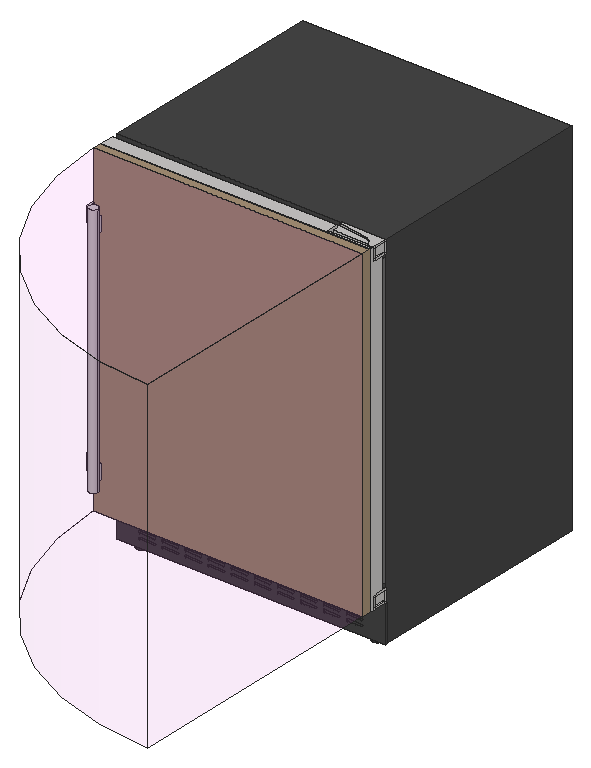
Revit family "QF_Summit_AL54IF_ADA_Compliant_All_Refrigerator", category Specialty Equipment, Revit 2020
Family settings
  Round Connector Dimension = Use Diameter
  Part Type = Normal
  Work Plane-Based = No
  Always vertical = Yes
  Cut with Voids When Loaded = No
  Shared = No
  Room Calculation Point = No
Parameters
  Weight in Pounds = 100
  Watts = if(Phase = 3, Volts * FL Amps * 1.73, Volts * FL Amps)  # 115 W
  Volts = 115 V
  Ventilation Remarks = ""
  URL Cutsheet = ""
  Specification by User = ""
  Specification by Manufacturer = ""
  Show Overlay Panel [instance] = yes
  Show LHD [instance] = no
  Show RHD [instance] = not(Show LHD)  # yes
  Serial Number = ""
  Seismic Rating = ""
  SMACNA No = ""
  Revision Code = ""
  Refrigerant Volume = 0.00 kip
  Refrigerant Type = "R600a"
  Phase = 1
  Number of Poles = 1
  NAFEM Spec ID Number = ""
  Model = "AL54IF"
  Min Ckt Ampacity = 0 A
  Max Overcurrent Protection = 0 A
  Masterspec = ""
  Manufacturer = "Summit"
  Length = 23 3/8"
  Item Number = ""
  Installed By = ""
  Identify Quantity as Lot = yes
  Height = 32"
  HP = ""
  Furnished By = ""
  Foodservice Equipment Identifier = yes
  FL Amps = 1 A
  Electrical Remarks = ""
  Electric Connection Type = ""
  Elec Conn RI Height = 0"
  Elec Conn Connection Height = 0"
  Description = "ADA Compliant All-Refrigerator"
  Depth [instance] = if(Show Overlay Panel, 22 5/8", 21 7/8")  # 22 5/8"
  Default Elevation = 0"
  Cycle = 60 Hz
  Conn Plug = ""
  Conn Conduit = yes
  CSI MasterFormat = ""
  Base Height [instance] = 1/2"
  BTUH = 0.0 Btu/h
  Apparent Power = if(Phase = 3, Volts * FL Amps * 1.73, Volts * FL Amps)  # 115 VA
Reference planes (in)
  plane 1 "BACK": y = 0
  plane 2: z = 0
  plane 3 "LEFT": x = 0
  plane 4 "RIGHT": x = 23.375
  plane 5 "FRONT": y = -22.625
  plane 6 "TOP": z = 32
  plane 7 "Center Y": x = 11.6875
  plane 8 "Center X": y = -11.3125
  plane 9 "Base Height": z = 0.5
  plane 10: y = -46
  plane 11: y = -20.125
  plane 12: z = 3.75
Forms (in)
  Extrusion 1, solid, material "QF_Metal_Black"
    sketch origin (0, 0, 0.5) x (-1, 0, 0) y (0, -1, 0)
      loop
        line (0, 0) -> (0, 20.125) -> (-23.375, 20.125) -> (-23.375, 0) -> (0, 0)
    from 0 to 31.5
  Extrusion 2, solid, material "QF_Metal_Stainless_Polished", visible <- "Show RHD"
    sketch origin (23.375, -20.625, 0.5) x (-1, 0, 0) y (0, 0, -1)
      loop
        line (23.375, -31.5) -> (23.375, -3.25) -> (0, -3.25) -> (0, -31.5) -> (23.375, -31.5)
    from 0 to 1.25
  Extrusion 3, solid, material "QF_Metal_Black"
    sketch origin (23.375, -20.125, 0.5) x (-1, 0, 0) y (0, 0, -1)
      loop
        line (23.375, -3.25) -> (23.375, 0) -> (0, 0) -> (0, -3.25) -> (23.375, -3.25)
      loop
        arc (2.0625, -0.625) -> (1.9375, -0.75) -> (2.0625, -0.875) r 0.125
        line (2.0625, -0.875) -> (3.3125, -0.875)
        arc (3.3125, -0.875) -> (3.4375, -0.75) -> (3.3125, -0.625) r 0.125
        line (3.3125, -0.625) -> (2.0625, -0.625)
      loop
        arc (2.0625, -1.125) -> (1.9375, -1.25) -> (2.0625, -1.375) r 0.125
        line (2.0625, -1.375) -> (3.3125, -1.375)
        arc (3.3125, -1.375) -> (3.4375, -1.25) -> (3.3125, -1.125) r 0.125
        line (3.3125, -1.125) -> (2.0625, -1.125)
      loop
        arc (2.0625, -1.625) -> (1.9375, -1.75) -> (2.0625, -1.875) r 0.125
        line (2.0625, -1.875) -> (3.3125, -1.875)
        arc (3.3125, -1.875) -> (3.4375, -1.75) -> (3.3125, -1.625) r 0.125
        line (3.3125, -1.625) -> (2.0625, -1.625)
      loop
        arc (2.0625, -2.125) -> (1.9375, -2.25) -> (2.0625, -2.375) r 0.125
        line (2.0625, -2.375) -> (3.3125, -2.375)
        arc (3.3125, -2.375) -> (3.4375, -2.25) -> (3.3125, -2.125) r 0.125
        line (3.3125, -2.125) -> (2.0625, -2.125)
      loop
        arc (2.0625, -2.625) -> (1.9375, -2.75) -> (2.0625, -2.875) r 0.125
        line (2.0625, -2.875) -> (3.3125, -2.875)
        arc (3.3125, -2.875) -> (3.4375, -2.75) -> (3.3125, -2.625) r 0.125
        line (3.3125, -2.625) -> (2.0625, -2.625)
      loop
        arc (4.0625, -0.625) -> (3.9375, -0.75) -> (4.0625, -0.875) r 0.125
        line (4.0625, -0.875) -> (5.3125, -0.875)
        arc (5.3125, -0.875) -> (5.4375, -0.75) -> (5.3125, -0.625) r 0.125
        line (5.3125, -0.625) -> (4.0625, -0.625)
      loop
        arc (4.0625, -1.125) -> (3.9375, -1.25) -> (4.0625, -1.375) r 0.125
        line (4.0625, -1.375) -> (5.3125, -1.375)
        arc (5.3125, -1.375) -> (5.4375, -1.25) -> (5.3125, -1.125) r 0.125
        line (5.3125, -1.125) -> (4.0625, -1.125)
      loop
        arc (4.0625, -1.625) -> (3.9375, -1.75) -> (4.0625, -1.875) r 0.125
        line (4.0625, -1.875) -> (5.3125, -1.875)
        arc (5.3125, -1.875) -> (5.4375, -1.75) -> (5.3125, -1.625) r 0.125
        line (5.3125, -1.625) -> (4.0625, -1.625)
      loop
        arc (4.0625, -2.125) -> (3.9375, -2.25) -> (4.0625, -2.375) r 0.125
        line (4.0625, -2.375) -> (5.3125, -2.375)
        arc (5.3125, -2.375) -> (5.4375, -2.25) -> (5.3125, -2.125) r 0.125
        line (5.3125, -2.125) -> (4.0625, -2.125)
      loop
        arc (4.0625, -2.625) -> (3.9375, -2.75) -> (4.0625, -2.875) r 0.125
        line (4.0625, -2.875) -> (5.3125, -2.875)
        arc (5.3125, -2.875) -> (5.4375, -2.75) -> (5.3125, -2.625) r 0.125
        line (5.3125, -2.625) -> (4.0625, -2.625)
      loop
        arc (6.0625, -0.625) -> (5.9375, -0.75) -> (6.0625, -0.875) r 0.125
        line (6.0625, -0.875) -> (7.3125, -0.875)
        arc (7.3125, -0.875) -> (7.4375, -0.75) -> (7.3125, -0.625) r 0.125
        line (7.3125, -0.625) -> (6.0625, -0.625)
      loop
        arc (6.0625, -1.125) -> (5.9375, -1.25) -> (6.0625, -1.375) r 0.125
        line (6.0625, -1.375) -> (7.3125, -1.375)
        arc (7.3125, -1.375) -> (7.4375, -1.25) -> (7.3125, -1.125) r 0.125
        line (7.3125, -1.125) -> (6.0625, -1.125)
      loop
        arc (6.0625, -1.625) -> (5.9375, -1.75) -> (6.0625, -1.875) r 0.125
        line (6.0625, -1.875) -> (7.3125, -1.875)
        arc (7.3125, -1.875) -> (7.4375, -1.75) -> (7.3125, -1.625) r 0.125
        line (7.3125, -1.625) -> (6.0625, -1.625)
      loop
        arc (6.0625, -2.125) -> (5.9375, -2.25) -> (6.0625, -2.375) r 0.125
        line (6.0625, -2.375) -> (7.3125, -2.375)
        arc (7.3125, -2.375) -> (7.4375, -2.25) -> (7.3125, -2.125) r 0.125
        line (7.3125, -2.125) -> (6.0625, -2.125)
      loop
        arc (6.0625, -2.625) -> (5.9375, -2.75) -> (6.0625, -2.875) r 0.125
        line (6.0625, -2.875) -> (7.3125, -2.875)
        arc (7.3125, -2.875) -> (7.4375, -2.75) -> (7.3125, -2.625) r 0.125
        line (7.3125, -2.625) -> (6.0625, -2.625)
      loop
        arc (8.0625, -0.625) -> (7.9375, -0.75) -> (8.0625, -0.875) r 0.125
        line (8.0625, -0.875) -> (9.3125, -0.875)
        arc (9.3125, -0.875) -> (9.4375, -0.75) -> (9.3125, -0.625) r 0.125
        line (9.3125, -0.625) -> (8.0625, -0.625)
      loop
        arc (8.0625, -1.125) -> (7.9375, -1.25) -> (8.0625, -1.375) r 0.125
        line (8.0625, -1.375) -> (9.3125, -1.375)
        arc (9.3125, -1.375) -> (9.4375, -1.25) -> (9.3125, -1.125) r 0.125
        line (9.3125, -1.125) -> (8.0625, -1.125)
      loop
        arc (8.0625, -1.625) -> (7.9375, -1.75) -> (8.0625, -1.875) r 0.125
        line (8.0625, -1.875) -> (9.3125, -1.875)
        arc (9.3125, -1.875) -> (9.4375, -1.75) -> (9.3125, -1.625) r 0.125
        line (9.3125, -1.625) -> (8.0625, -1.625)
      loop
        arc (8.0625, -2.125) -> (7.9375, -2.25) -> (8.0625, -2.375) r 0.125
        line (8.0625, -2.375) -> (9.3125, -2.375)
        arc (9.3125, -2.375) -> (9.4375, -2.25) -> (9.3125, -2.125) r 0.125
        line (9.3125, -2.125) -> (8.0625, -2.125)
      loop
        arc (8.0625, -2.625) -> (7.9375, -2.75) -> (8.0625, -2.875) r 0.125
        line (8.0625, -2.875) -> (9.3125, -2.875)
        arc (9.3125, -2.875) -> (9.4375, -2.75) -> (9.3125, -2.625) r 0.125
        line (9.3125, -2.625) -> (8.0625, -2.625)
      loop
        arc (10.0625, -0.625) -> (9.9375, -0.75) -> (10.0625, -0.875) r 0.125
        line (10.0625, -0.875) -> (11.3125, -0.875)
        arc (11.3125, -0.875) -> (11.4375, -0.75) -> (11.3125, -0.625) r 0.125
        line (11.3125, -0.625) -> (10.0625, -0.625)
      loop
        arc (10.0625, -1.125) -> (9.9375, -1.25) -> (10.0625, -1.375) r 0.125
        line (10.0625, -1.375) -> (11.3125, -1.375)
        arc (11.3125, -1.375) -> (11.4375, -1.25) -> (11.3125, -1.125) r 0.125
        line (11.3125, -1.125) -> (10.0625, -1.125)
      loop
        arc (10.0625, -1.625) -> (9.9375, -1.75) -> (10.0625, -1.875) r 0.125
        line (10.0625, -1.875) -> (11.3125, -1.875)
        arc (11.3125, -1.875) -> (11.4375, -1.75) -> (11.3125, -1.625) r 0.125
        line (11.3125, -1.625) -> (10.0625, -1.625)
      loop
        arc (10.0625, -2.125) -> (9.9375, -2.25) -> (10.0625, -2.375) r 0.125
        line (10.0625, -2.375) -> (11.3125, -2.375)
        arc (11.3125, -2.375) -> (11.4375, -2.25) -> (11.3125, -2.125) r 0.125
        line (11.3125, -2.125) -> (10.0625, -2.125)
      loop
        arc (10.0625, -2.625) -> (9.9375, -2.75) -> (10.0625, -2.875) r 0.125
        line (10.0625, -2.875) -> (11.3125, -2.875)
        arc (11.3125, -2.875) -> (11.4375, -2.75) -> (11.3125, -2.625) r 0.125
        line (11.3125, -2.625) -> (10.0625, -2.625)
      loop
        arc (12.0625, -0.625) -> (11.9375, -0.75) -> (12.0625, -0.875) r 0.125
        line (12.0625, -0.875) -> (13.3125, -0.875)
        arc (13.3125, -0.875) -> (13.4375, -0.75) -> (13.3125, -0.625) r 0.125
        line (13.3125, -0.625) -> (12.0625, -0.625)
      loop
        arc (12.0625, -1.125) -> (11.9375, -1.25) -> (12.0625, -1.375) r 0.125
        line (12.0625, -1.375) -> (13.3125, -1.375)
        arc (13.3125, -1.375) -> (13.4375, -1.25) -> (13.3125, -1.125) r 0.125
        line (13.3125, -1.125) -> (12.0625, -1.125)
      loop
        arc (12.0625, -1.625) -> (11.9375, -1.75) -> (12.0625, -1.875) r 0.125
        line (12.0625, -1.875) -> (13.3125, -1.875)
        arc (13.3125, -1.875) -> (13.4375, -1.75) -> (13.3125, -1.625) r 0.125
        line (13.3125, -1.625) -> (12.0625, -1.625)
      loop
        arc (12.0625, -2.125) -> (11.9375, -2.25) -> (12.0625, -2.375) r 0.125
        line (12.0625, -2.375) -> (13.3125, -2.375)
        arc (13.3125, -2.375) -> (13.4375, -2.25) -> (13.3125, -2.125) r 0.125
        line (13.3125, -2.125) -> (12.0625, -2.125)
      loop
        arc (12.0625, -2.625) -> (11.9375, -2.75) -> (12.0625, -2.875) r 0.125
        line (12.0625, -2.875) -> (13.3125, -2.875)
        arc (13.3125, -2.875) -> (13.4375, -2.75) -> (13.3125, -2.625) r 0.125
        line (13.3125, -2.625) -> (12.0625, -2.625)
      loop
        arc (14.0625, -0.625) -> (13.9375, -0.75) -> (14.0625, -0.875) r 0.125
        line (14.0625, -0.875) -> (15.3125, -0.875)
        arc (15.3125, -0.875) -> (15.4375, -0.75) -> (15.3125, -0.625) r 0.125
        line (15.3125, -0.625) -> (14.0625, -0.625)
      loop
        arc (14.0625, -1.125) -> (13.9375, -1.25) -> (14.0625, -1.375) r 0.125
        line (14.0625, -1.375) -> (15.3125, -1.375)
        arc (15.3125, -1.375) -> (15.4375, -1.25) -> (15.3125, -1.125) r 0.125
        line (15.3125, -1.125) -> (14.0625, -1.125)
      loop
        arc (14.0625, -1.625) -> (13.9375, -1.75) -> (14.0625, -1.875) r 0.125
        line (14.0625, -1.875) -> (15.3125, -1.875)
        arc (15.3125, -1.875) -> (15.4375, -1.75) -> (15.3125, -1.625) r 0.125
        line (15.3125, -1.625) -> (14.0625, -1.625)
      loop
        arc (14.0625, -2.125) -> (13.9375, -2.25) -> (14.0625, -2.375) r 0.125
        line (14.0625, -2.375) -> (15.3125, -2.375)
        arc (15.3125, -2.375) -> (15.4375, -2.25) -> (15.3125, -2.125) r 0.125
        line (15.3125, -2.125) -> (14.0625, -2.125)
      loop
        arc (14.0625, -2.625) -> (13.9375, -2.75) -> (14.0625, -2.875) r 0.125
        line (14.0625, -2.875) -> (15.3125, -2.875)
        arc (15.3125, -2.875) -> (15.4375, -2.75) -> (15.3125, -2.625) r 0.125
        line (15.3125, -2.625) -> (14.0625, -2.625)
      loop
        arc (16.0625, -0.625) -> (15.9375, -0.75) -> (16.0625, -0.875) r 0.125
        line (16.0625, -0.875) -> (17.3125, -0.875)
        arc (17.3125, -0.875) -> (17.4375, -0.75) -> (17.3125, -0.625) r 0.125
        line (17.3125, -0.625) -> (16.0625, -0.625)
      loop
        arc (16.0625, -1.125) -> (15.9375, -1.25) -> (16.0625, -1.375) r 0.125
        line (16.0625, -1.375) -> (17.3125, -1.375)
        arc (17.3125, -1.375) -> (17.4375, -1.25) -> (17.3125, -1.125) r 0.125
        line (17.3125, -1.125) -> (16.0625, -1.125)
      loop
        arc (16.0625, -1.625) -> (15.9375, -1.75) -> (16.0625, -1.875) r 0.125
        line (16.0625, -1.875) -> (17.3125, -1.875)
        arc (17.3125, -1.875) -> (17.4375, -1.75) -> (17.3125, -1.625) r 0.125
        line (17.3125, -1.625) -> (16.0625, -1.625)
      loop
        arc (16.0625, -2.125) -> (15.9375, -2.25) -> (16.0625, -2.375) r 0.125
        line (16.0625, -2.375) -> (17.3125, -2.375)
        arc (17.3125, -2.375) -> (17.4375, -2.25) -> (17.3125, -2.125) r 0.125
        line (17.3125, -2.125) -> (16.0625, -2.125)
      loop
        arc (16.0625, -2.625) -> (15.9375, -2.75) -> (16.0625, -2.875) r 0.125
        line (16.0625, -2.875) -> (17.3125, -2.875)
        arc (17.3125, -2.875) -> (17.4375, -2.75) -> (17.3125, -2.625) r 0.125
        line (17.3125, -2.625) -> (16.0625, -2.625)
      loop
        arc (18.0625, -0.625) -> (17.9375, -0.75) -> (18.0625, -0.875) r 0.125
        line (18.0625, -0.875) -> (19.3125, -0.875)
        arc (19.3125, -0.875) -> (19.4375, -0.75) -> (19.3125, -0.625) r 0.125
        line (19.3125, -0.625) -> (18.0625, -0.625)
      loop
        arc (18.0625, -1.125) -> (17.9375, -1.25) -> (18.0625, -1.375) r 0.125
        line (18.0625, -1.375) -> (19.3125, -1.375)
        arc (19.3125, -1.375) -> (19.4375, -1.25) -> (19.3125, -1.125) r 0.125
        line (19.3125, -1.125) -> (18.0625, -1.125)
      loop
        arc (18.0625, -1.625) -> (17.9375, -1.75) -> (18.0625, -1.875) r 0.125
        line (18.0625, -1.875) -> (19.3125, -1.875)
        arc (19.3125, -1.875) -> (19.4375, -1.75) -> (19.3125, -1.625) r 0.125
        line (19.3125, -1.625) -> (18.0625, -1.625)
      loop
        arc (18.0625, -2.125) -> (17.9375, -2.25) -> (18.0625, -2.375) r 0.125
        line (18.0625, -2.375) -> (19.3125, -2.375)
        arc (19.3125, -2.375) -> (19.4375, -2.25) -> (19.3125, -2.125) r 0.125
        line (19.3125, -2.125) -> (18.0625, -2.125)
      loop
        arc (18.0625, -2.625) -> (17.9375, -2.75) -> (18.0625, -2.875) r 0.125
        line (18.0625, -2.875) -> (19.3125, -2.875)
        arc (19.3125, -2.875) -> (19.4375, -2.75) -> (19.3125, -2.625) r 0.125
        line (19.3125, -2.625) -> (18.0625, -2.625)
      loop
        arc (20.0625, -0.625) -> (19.9375, -0.75) -> (20.0625, -0.875) r 0.125
        line (20.0625, -0.875) -> (21.3125, -0.875)
        arc (21.3125, -0.875) -> (21.4375, -0.75) -> (21.3125, -0.625) r 0.125
        line (21.3125, -0.625) -> (20.0625, -0.625)
      loop
        arc (20.0625, -1.125) -> (19.9375, -1.25) -> (20.0625, -1.375) r 0.125
        line (20.0625, -1.375) -> (21.3125, -1.375)
        arc (21.3125, -1.375) -> (21.4375, -1.25) -> (21.3125, -1.125) r 0.125
        line (21.3125, -1.125) -> (20.0625, -1.125)
      loop
        arc (20.0625, -1.625) -> (19.9375, -1.75) -> (20.0625, -1.875) r 0.125
        line (20.0625, -1.875) -> (21.3125, -1.875)
        arc (21.3125, -1.875) -> (21.4375, -1.75) -> (21.3125, -1.625) r 0.125
        line (21.3125, -1.625) -> (20.0625, -1.625)
      loop
        arc (20.0625, -2.125) -> (19.9375, -2.25) -> (20.0625, -2.375) r 0.125
        line (20.0625, -2.375) -> (21.3125, -2.375)
        arc (21.3125, -2.375) -> (21.4375, -2.25) -> (21.3125, -2.125) r 0.125
        line (21.3125, -2.125) -> (20.0625, -2.125)
      loop
        arc (20.0625, -2.625) -> (19.9375, -2.75) -> (20.0625, -2.875) r 0.125
        line (20.0625, -2.875) -> (21.3125, -2.875)
        arc (21.3125, -2.875) -> (21.4375, -2.75) -> (21.3125, -2.625) r 0.125
        line (21.3125, -2.625) -> (20.0625, -2.625)
    from -0.0625 to 0.03516
  Extrusion 4, solid, material "QF_Rubber - Black - Smooth"
    sketch origin (23.375, -20.125, 0.5) x (-1, 0, 0) y (0, 0, -1)
      loop
        line (23.25, -30) -> (23.25, -4.75) -> (0.125, -4.75) -> (0.125, -30) -> (23.25, -30)
    from 0 to 0.5
  Extrusion 5, solid, material "QF_Metal - Stainless - Polished", visible <- "Show RHD"
    sketch origin (0, 0, 32) x (-1, 0, 0) y (0, -1, 0)
      loop
        line (-19.5, 20.125) -> (-19.5, 20.22247)
        arc (-19.5, 20.22247) -> (-19.53723, 20.3234) -> (-19.63109, 20.37597) r 0.1554
        line (-19.63109, 20.37597) -> (-22.1852, 20.7805)
        arc (-22.1852, 20.7805) -> (-22.55868, 20.94874) -> (-22.7951, 21.28326) r 0.77867
        line (-22.7951, 21.28326) -> (-22.8529, 21.44206)
        arc (-22.8529, 21.44206) -> (-23.15257, 21.61508) -> (-23.375, 21.35) r 0.26917
        line (-23.375, 21.35) -> (-23.375, 20.125) -> (-19.5, 20.125)
    from 0 to -0.125
  Extrusion 6, solid, material "QF_Rubber - Black - Smooth"
    sketch origin (0, 0, 0.5) x (1, 0, 0) y (0, 0, -1)
      loop
        circle (20.5, -1.80244) r 0.25
    from 0 to 0.0625
  Extrusion 7, solid, material "QF_Metal - Stainless - Polished", visible <- "Show RHD"
    sketch origin (0, -4.125, 0.5) x (-1, 0, 0) y (0, -1, 0)
      loop
        circle (-1.25, 20.125) r 0.375
    from 6 to 28
  Revolve 8, solid, material "QF_Metal_Black"
    sketch origin (0.26439, -1.4375, 0) x (1, 0, 0) y (0, 0, 1)
      loop
        line (21.67311, 0.5) -> (21.48561, 0.5) -> (21.48561, 0.375) -> (21.08978, 0.375) -> (21.08978, 0.3125) -> (21.17311, 0) -> (21.67311, 0) -> (21.67311, 0.5)
      axis (21.67311, 0) -> (21.67311, 0.5)
    angle from 0 to 360
  Revolve 9, solid, material "QF_Metal_Black"
    sketch origin (0, -19.1875, 0) x (1, 0, 0) y (0, 0, 1)
      loop
        line (21.9375, 0.5) -> (21.75, 0.5) -> (21.75, 0.375) -> (21.35417, 0.375) -> (21.35417, 0.3125) -> (21.4375, 0) -> (21.9375, 0) -> (21.9375, 0.5)
      axis (21.9375, 0) -> (21.9375, 0.5)
    angle from 0 to 360
  Revolve 10, solid, material "QF_Metal_Black"
    sketch origin (-20.23561, -1.4375, 0) x (1, 0, 0) y (0, 0, 1)
      loop
        line (21.67311, 0.5) -> (21.48561, 0.5) -> (21.48561, 0.375) -> (21.08978, 0.375) -> (21.08978, 0.3125) -> (21.17311, 0) -> (21.67311, 0) -> (21.67311, 0.5)
      axis (21.67311, 0) -> (21.67311, 0.5)
    angle from 0 to 360
  Revolve 11, solid, material "QF_Metal_Black"
    sketch origin (-20.5, -19.1875, 0) x (1, 0, 0) y (0, 0, 1)
      loop
        line (21.9375, 0.5) -> (21.75, 0.5) -> (21.75, 0.375) -> (21.35417, 0.375) -> (21.35417, 0.3125) -> (21.4375, 0) -> (21.9375, 0) -> (21.9375, 0.5)
      axis (21.9375, 0) -> (21.9375, 0.5)
    angle from 0 to 360
  Extrusion 12, void
    sketch origin (0, -20.625, 32) x (1, 0, 0) y (0, 1, 0)
      loop
        line (19.5001, 0.13878) -> (19.5001, -1) -> (23.49441, -1) -> (23.49441, 0.13878) -> (19.5001, 0.13878)
    from -1.10777 to 1
  Extrusion 13, solid, material "QF_Metal - Stainless - Polished", visible <- "Show RHD"
    sketch origin (0, -4.125, 28.5) x (-1, 0, 0) y (0, -1, 0)
      loop
        line (0.125, 18.00686) -> (0.125, 19.07193)
        arc (0.125, 19.07193) -> (0.1137, 19.11811) -> (0.08236, 19.15385) r 0.1
        line (0.08236, 19.15385) -> (-0.96185, 19.88501)
        arc (-0.96185, 19.88501) -> (-1.22254, 19.75101) -> (-1.5, 19.84549) r 0.375
        line (-1.5, 19.84549) -> (-1.5, 19.69199)
        arc (-1.5, 19.69199) -> (-1.37941, 19.64204) -> (-1.25, 19.625) r 0.5
        arc (-1.25, 19.625) -> (-1.12181, 19.64171) -> (-1.00219, 19.69073) r 0.5
        arc (-1.00219, 19.69073) -> (-0.94801, 19.70377) -> (-0.89527, 19.68579) r 0.1
        line (-0.89527, 19.68579) -> (-0.04264, 19.08878)
        arc (-0.04264, 19.08878) -> (-0.0113, 19.05304) -> (0, 19.00686) r 0.1
        line (0, 19.00686) -> (0, 18.00686) -> (0.125, 18.00686)
    from -2 to -0.75
  Extrusion 14, solid, material "QF_Metal - Stainless - Polished", visible <- "Show RHD"
    sketch origin (0, -4.125, 6.5) x (0, -1, 0) y (-1, 0, 0)
      loop
        line (18.00686, 0) -> (19.00686, 0)
        arc (19.00686, 0) -> (19.05304, -0.0113) -> (19.08878, -0.04264) r 0.1
        line (19.08878, -0.04264) -> (19.68579, -0.89527)
        arc (19.68579, -0.89527) -> (19.70377, -0.94801) -> (19.69073, -1.00219) r 0.1
        arc (19.69073, -1.00219) -> (19.64171, -1.12181) -> (19.625, -1.25) r 0.5
        arc (19.625, -1.25) -> (19.64204, -1.37941) -> (19.69199, -1.5) r 0.5
        line (19.69199, -1.5) -> (19.84549, -1.5)
        arc (19.84549, -1.5) -> (19.75101, -1.22254) -> (19.88501, -0.96185) r 0.375
        line (19.88501, -0.96185) -> (19.15385, 0.08236)
        arc (19.15385, 0.08236) -> (19.11811, 0.1137) -> (19.07193, 0.125) r 0.1
        line (19.07193, 0.125) -> (18.00686, 0.125) -> (18.00686, 0)
    from -2 to -0.75
  Extrusion 15, void
    sketch origin (23.375, -20.625, 3.75) x (0, 1, 0) y (1, 0, 0)
      loop
        line (-1, -3.8749) -> (0.3125, -3.8749) -> (0.3125, 0.3125) -> (-1, 0.3125) -> (-1, -3.8749)
    from -1.10777 to 0.18851
  Extrusion 16, solid, material "QF_Metal - Stainless - Polished", visible <- "Show RHD"
    sketch origin (0, 0, 31.875) x (0, -1, 0) y (-1, 0, 0)
      loop
        circle (21.33002, -23.10965) r 0.18618
    from 0 to 0.85777
  Extrusion 17, solid, material "QF_Metal - Stainless - Polished", visible <- "Show RHD"
    sketch origin (21.9375, -20.125, 32) x (1, 0, 0) y (0, 0, -1)
      loop
        line (1.4375, 0.98277) -> (-2.4375, 0.98277) -> (-2.4375, 0.125) -> (1.4375, 0.125) -> (1.4375, 0.98277)
    from 0 to -0.125
  Extrusion 18, solid, material "QF_Metal - Stainless - Polished", visible <- "Show RHD"
    sketch origin (0, 0, 31.875) x (0, -1, 0) y (-1, 0, 0)
      loop
        line (20.25, -23.25) -> (21.0707, -23.25) -> (21.0707, -19.5) -> (20.25, -19.5) -> (20.25, -23.25)
    from 0.05078 to 0.80891
  Extrusion 19, solid, material "QF_Metal - Stainless - Polished", visible <- "Show RHD"
    sketch origin (0, 0, 3.875) x (-1, 0, 0) y (0, -1, 0)
      loop
        circle (-23.10965, 21.33002) r 0.18618
    from 0 to 0.85777
  Extrusion 20, solid, material "QF_Metal - Stainless - Polished", visible <- "Show RHD"
    sketch origin (0, 0, 3.875) x (-1, 0, 0) y (0, -1, 0)
      loop
        line (-23.25, 20.25) -> (-19.5, 20.25) -> (-19.5, 21.0707) -> (-23.25, 21.0707) -> (-23.25, 20.25)
    from 0.05078 to 0.80891
  Extrusion 21, solid, material "QF_Metal - Stainless - Polished", visible <- "Show RHD"
    sketch origin (21.9375, -20.125, 3.75) x (1, 0, 0) y (0, 0, -1)
      loop
        line (1.4375, -0.98277) -> (1.4375, -0.125) -> (-2.4375, -0.125) -> (-2.4375, -0.98277) -> (1.4375, -0.98277)
    from 0 to -0.125
  Extrusion 22, solid, material "QF_Clearances_Door_Drawer", visible <- "Show RHD"
    sketch origin (0, 0, 0.5) x (-1, 0, 0) y (0, -1, 0)
      loop
        line (-23.375, 45.98834) -> (-23.375, 22.625) -> (0, 22.625)
        arc (0, 22.625) -> (-6.84709, 39.1495) -> (-23.375, 45.98834) r 23.36334
    from 3.25 to 31.5
  Extrusion 23, solid, material "QF_Wood_Hard_Rock_Maple_Satin", visible <- "Show Overlay Panel"
    sketch origin (23.375, -21.875, 0.5) x (-1, 0, 0) y (0, 0, -1)
      loop
        line (0, -31.5) -> (23.375, -31.5) -> (23.375, -3.25) -> (0, -3.25) -> (0, -31.5)
    from 0 to 0.75
  Extrusion 24, solid, material "QF_Metal - Stainless - Polished", visible <- "Show RHD"
    sketch origin (0, 0, 32) x (-1, 0, 0) y (0, -1, 0)
      loop
        arc (-22.1852, 20.7805) -> (-22.55868, 20.94874) -> (-22.7951, 21.28326) r 0.77867
        line (-22.7951, 21.28326) -> (-22.8529, 21.44206)
        arc (-22.8529, 21.44206) -> (-23.15257, 21.61508) -> (-23.375, 21.35) r 0.26917
        line (-23.375, 21.35) -> (-23.375, 20.125) -> (-19.5, 20.125) -> (-19.5, 20.22247)
        arc (-19.5, 20.22247) -> (-19.53723, 20.3234) -> (-19.63109, 20.37597) r 0.1554
        line (-19.63109, 20.37597) -> (-22.1852, 20.7805)
    from -0.98277 to -1.10777
  Extrusion 25, solid, material "QF_Metal - Stainless - Polished", visible <- "Show RHD"
    sketch origin (0, 0, 32) x (-1, 0, 0) y (0, -1, 0)
      loop
        arc (-22.1852, 20.7805) -> (-22.55868, 20.94874) -> (-22.7951, 21.28326) r 0.77867
        line (-22.7951, 21.28326) -> (-22.8529, 21.44206)
        arc (-22.8529, 21.44206) -> (-23.15257, 21.61508) -> (-23.375, 21.35) r 0.26917
        line (-23.375, 21.35) -> (-23.375, 20.125) -> (-19.5, 20.125) -> (-19.5, 20.22247)
        arc (-19.5, 20.22247) -> (-19.53723, 20.3234) -> (-19.63109, 20.37597) r 0.1554
        line (-19.63109, 20.37597) -> (-22.1852, 20.7805)
    from -27.26723 to -27.14223
  Extrusion 26, solid, material "QF_Metal - Stainless - Polished", visible <- "Show RHD"
    sketch origin (0, 0, 4.85777) x (-1, 0, 0) y (0, -1, 0)
      loop
        line (-19.63109, 20.37597) -> (-22.1852, 20.7805)
        arc (-22.1852, 20.7805) -> (-22.55868, 20.94874) -> (-22.7951, 21.28326) r 0.77867
        line (-22.7951, 21.28326) -> (-22.8529, 21.44206)
        arc (-22.8529, 21.44206) -> (-23.15257, 21.61508) -> (-23.375, 21.35) r 0.26917
        line (-23.375, 21.35) -> (-23.375, 20.125) -> (-19.5, 20.125) -> (-19.5, 20.22247)
        arc (-19.5, 20.22247) -> (-19.53723, 20.3234) -> (-19.63109, 20.37597) r 0.1554
    from -1.10777 to -0.98277
  Extrusion 27, solid, material "QF_Metal - Stainless - Polished", visible <- "Show LHD"
    sketch origin (23.375, 0, 32) x (1, 0, 0) y (0, 1, 0)
      loop
        line (-19.5, -20.125) -> (-23.375, -20.125) -> (-23.375, -21.35)
        arc (-23.375, -21.35) -> (-23.15257, -21.61508) -> (-22.8529, -21.44206) r 0.26917
        line (-22.8529, -21.44206) -> (-22.7951, -21.28326)
        arc (-22.7951, -21.28326) -> (-22.55868, -20.94874) -> (-22.1852, -20.7805) r 0.77867
        line (-22.1852, -20.7805) -> (-19.63109, -20.37597)
        arc (-19.63109, -20.37597) -> (-19.53723, -20.3234) -> (-19.5, -20.22247) r 0.1554
        line (-19.5, -20.22247) -> (-19.5, -20.125)
    from 0 to -0.125
  Extrusion 28, solid, material "QF_Metal - Stainless - Polished", visible <- "Show LHD"
    sketch origin (23.375, -4.125, 0.5) x (1, 0, 0) y (0, 1, 0)
      loop
        circle (-1.25, -20.125) r 0.375
    from 6 to 28
  Extrusion 29, solid, material "QF_Metal - Stainless - Polished", visible <- "Show LHD"
    sketch origin (23.375, -4.125, 28.5) x (1, 0, 0) y (0, 1, 0)
      loop
        line (0.125, -18.00686) -> (0, -18.00686) -> (0, -19.00686)
        arc (0, -19.00686) -> (-0.0113, -19.05304) -> (-0.04264, -19.08878) r 0.1
        line (-0.04264, -19.08878) -> (-0.89527, -19.68579)
        arc (-0.89527, -19.68579) -> (-0.94801, -19.70377) -> (-1.00219, -19.69073) r 0.1
        arc (-1.00219, -19.69073) -> (-1.12181, -19.64171) -> (-1.25, -19.625) r 0.5
        arc (-1.25, -19.625) -> (-1.37941, -19.64204) -> (-1.5, -19.69199) r 0.5
        line (-1.5, -19.69199) -> (-1.5, -19.84549)
        arc (-1.5, -19.84549) -> (-1.22254, -19.75101) -> (-0.96185, -19.88501) r 0.375
        line (-0.96185, -19.88501) -> (0.08236, -19.15385)
        arc (0.08236, -19.15385) -> (0.1137, -19.11811) -> (0.125, -19.07193) r 0.1
        line (0.125, -19.07193) -> (0.125, -18.00686)
    from -2 to -0.75
  Extrusion 30, solid, material "QF_Metal - Stainless - Polished", visible <- "Show LHD"
    sketch origin (23.375, -4.125, 6.5) x (0, -1, 0) y (1, 0, 0)
      loop
        line (18.00686, 0) -> (19.00686, 0)
        arc (19.00686, 0) -> (19.05304, -0.0113) -> (19.08878, -0.04264) r 0.1
        line (19.08878, -0.04264) -> (19.68579, -0.89527)
        arc (19.68579, -0.89527) -> (19.70377, -0.94801) -> (19.69073, -1.00219) r 0.1
        arc (19.69073, -1.00219) -> (19.64171, -1.12181) -> (19.625, -1.25) r 0.5
        arc (19.625, -1.25) -> (19.64204, -1.37941) -> (19.69199, -1.5) r 0.5
        line (19.69199, -1.5) -> (19.84549, -1.5)
        arc (19.84549, -1.5) -> (19.75101, -1.22254) -> (19.88501, -0.96185) r 0.375
        line (19.88501, -0.96185) -> (19.15385, 0.08236)
        arc (19.15385, 0.08236) -> (19.11811, 0.1137) -> (19.07193, 0.125) r 0.1
        line (19.07193, 0.125) -> (18.00686, 0.125) -> (18.00686, 0)
    from -2 to -0.75
  Extrusion 31, solid, material "QF_Metal - Stainless - Polished", visible <- "Show LHD"
    sketch origin (23.375, 0, 31.875) x (0, 1, 0) y (1, 0, 0)
      loop
        circle (-21.33002, -23.10965) r 0.18618
    from 0 to 0.85777
  Extrusion 32, solid, material "QF_Metal - Stainless - Polished", visible <- "Show LHD"
    sketch origin (1.4375, -20.125, 32) x (-1, 0, 0) y (0, 0, 1)
      loop
        line (1.4375, -0.98277) -> (1.4375, -0.125) -> (-2.4375, -0.125) -> (-2.4375, -0.98277) -> (1.4375, -0.98277)
    from 0 to -0.125
  Extrusion 33, solid, material "QF_Metal - Stainless - Polished", visible <- "Show LHD"
    sketch origin (23.375, 0, 31.875) x (0, 1, 0) y (1, 0, 0)
      loop
        line (-20.25, -23.25) -> (-20.25, -19.5) -> (-21.0707, -19.5) -> (-21.0707, -23.25) -> (-20.25, -23.25)
    from 0.05078 to 0.80891
  Extrusion 34, solid, material "QF_Metal - Stainless - Polished", visible <- "Show LHD"
    sketch origin (23.375, 0, 3.875) x (1, 0, 0) y (0, 1, 0)
      loop
        circle (-23.10965, -21.33002) r 0.18618
    from 0 to 0.85777
  Extrusion 35, solid, material "QF_Metal - Stainless - Polished", visible <- "Show LHD"
    sketch origin (23.375, 0, 3.875) x (1, 0, 0) y (0, 1, 0)
      loop
        line (-23.25, -20.25) -> (-23.25, -21.0707) -> (-19.5, -21.0707) -> (-19.5, -20.25) -> (-23.25, -20.25)
    from 0.05078 to 0.80891
  Extrusion 36, solid, material "QF_Metal - Stainless - Polished", visible <- "Show LHD"
    sketch origin (1.4375, -20.125, 3.75) x (-1, 0, 0) y (0, 0, 1)
      loop
        line (1.4375, 0.98277) -> (-2.4375, 0.98277) -> (-2.4375, 0.125) -> (1.4375, 0.125) -> (1.4375, 0.98277)
    from 0 to -0.125
  Extrusion 37, solid, material "QF_Clearances_Door_Drawer", visible <- "Show LHD"
    sketch origin (23.375, 0, 0.5) x (1, 0, 0) y (0, 1, 0)
      loop
        arc (-23.375, -45.98834) -> (-6.84709, -39.1495) -> (0, -22.625) r 23.36334
        line (0, -22.625) -> (-23.375, -22.625) -> (-23.375, -45.98834)
    from 3.25 to 31.5
  Extrusion 38, solid, material "QF_Metal - Stainless - Polished", visible <- "Show LHD"
    sketch origin (23.375, 0, 32) x (1, 0, 0) y (0, 1, 0)
      loop
        line (-22.1852, -20.7805) -> (-19.63109, -20.37597)
        arc (-19.63109, -20.37597) -> (-19.53723, -20.3234) -> (-19.5, -20.22247) r 0.1554
        line (-19.5, -20.22247) -> (-19.5, -20.125) -> (-23.375, -20.125) -> (-23.375, -21.35)
        arc (-23.375, -21.35) -> (-23.15257, -21.61508) -> (-22.8529, -21.44206) r 0.26917
        line (-22.8529, -21.44206) -> (-22.7951, -21.28326)
        arc (-22.7951, -21.28326) -> (-22.55868, -20.94874) -> (-22.1852, -20.7805) r 0.77867
    from -0.98277 to -1.10777
  Extrusion 39, solid, material "QF_Metal - Stainless - Polished", visible <- "Show LHD"
    sketch origin (23.375, 0, 32) x (1, 0, 0) y (0, 1, 0)
      loop
        line (-22.1852, -20.7805) -> (-19.63109, -20.37597)
        arc (-19.63109, -20.37597) -> (-19.53723, -20.3234) -> (-19.5, -20.22247) r 0.1554
        line (-19.5, -20.22247) -> (-19.5, -20.125) -> (-23.375, -20.125) -> (-23.375, -21.35)
        arc (-23.375, -21.35) -> (-23.15257, -21.61508) -> (-22.8529, -21.44206) r 0.26917
        line (-22.8529, -21.44206) -> (-22.7951, -21.28326)
        arc (-22.7951, -21.28326) -> (-22.55868, -20.94874) -> (-22.1852, -20.7805) r 0.77867
    from -27.26723 to -27.14223
  Extrusion 40, solid, material "QF_Metal - Stainless - Polished", visible <- "Show LHD"
    sketch origin (23.375, 0, 4.85777) x (1, 0, 0) y (0, 1, 0)
      loop
        arc (-19.63109, -20.37597) -> (-19.53723, -20.3234) -> (-19.5, -20.22247) r 0.1554
        line (-19.5, -20.22247) -> (-19.5, -20.125) -> (-23.375, -20.125) -> (-23.375, -21.35)
        arc (-23.375, -21.35) -> (-23.15257, -21.61508) -> (-22.8529, -21.44206) r 0.26917
        line (-22.8529, -21.44206) -> (-22.7951, -21.28326)
        arc (-22.7951, -21.28326) -> (-22.55868, -20.94874) -> (-22.1852, -20.7805) r 0.77867
        line (-22.1852, -20.7805) -> (-19.63109, -20.37597)
    from -1.10777 to -0.98277
  Extrusion 41, void
    sketch origin (0, -20.625, 3.75) x (0, -1, 0) y (-1, 0, 0)
      loop
        line (1, -3.8749) -> (1, 0.3125) -> (-0.3125, 0.3125) -> (-0.3125, -3.8749) -> (1, -3.8749)
    from -1.10777 to 0.18851
  Extrusion 42, solid, material "QF_Metal_Stainless_Polished", visible <- "Show LHD"
    sketch origin (0, -20.625, 0.5) x (1, 0, 0) y (0, 0, 1)
      loop
        line (23.375, 31.5) -> (3.875, 31.5) -> (3.875, 30.39223) -> (0, 30.39223) -> (0, 4.35777) -> (3.8749, 4.35777) -> (3.8749, 3.25) -> (23.375, 3.25) -> (23.375, 31.5)
    from 0 to 1.25
  Extrusion 43, solid, material "QF_Metal_Stainless_Polished", visible <- "Show LHD"
    sketch origin (0, -21.875, 0.5) x (1, 0, 0) y (0, 0, 1)
      loop
        line (3.875, 3.25) -> (3.875, 4.35777) -> (0, 4.35777) -> (0, 3.25) -> (3.875, 3.25)
      loop
        line (3.875, 30.39223) -> (3.875, 31.5) -> (0, 31.5) -> (0, 30.39223) -> (3.875, 30.39223)
    from 0 to -0.25
Cuts and joins
  Extrusion 12, Extrusion 15, Extrusion 41 cuts Extrusion 2
  Extrusion 41 cuts Extrusion 19
  Extrusion 41 cuts Extrusion 20
  Extrusion 41 cuts Extrusion 25
  Extrusion 41 cuts Extrusion 26
  joined: Extrusion 42, Extrusion 43
Lines and regions (in)
  symbolic lines
    curve 1: line (0, 0, 0.5) -> (23.375, 0, 0.5)
    curve 2: line (0, -20.125, 0.5) -> (0, 0, 0.5)
    curve 3: line (23.375, 0, 0.5) -> (23.375, -20.125, 0.5)
    curve 9: line (0, -20.625, 28.5) -> (0, -22.625, 28.5)
    curve 11: line (0, -20.125, 28.5) -> (23.375, -20.125, 28.5)
    curve 20: line (23.375, -22.625, 28.5) -> (0, -22.625, 28.5)
    curve 33: line (3.88359, -20.625, 28.5) -> (19.5, -20.625, 28.5)
    curve 57: line (23.375, -20.625, 0.5) -> (23.375, -22.625, 0.5)
  symbolic lines, style "QF_Clearances_Door_Drawer", visible <- "Show RHD"
    curve 4: line (23.375, -22.625, 0.5) -> (3.18714, -34.40493, 0.5)
    curve 5: arc (0, -22.625, 0.5) -> (0.81086, -28.72673, 0.5) -> (3.18714, -34.40493, 0.5) r 23.36334
  symbolic lines, visible <- "Show RHD"
    curve 6: arc (0.875, -24.25, 28.5) -> (1.25, -24.625, 28.5) -> (1.625, -24.25, 28.5) r 0.375
    curve 7: arc (1.625, -24.25, 28.5) -> (1.25, -23.875, 28.5) -> (0.875, -24.25, 28.5) r 0.375
    curve 8: line (0.125, -20.625, 28.5) -> (0.125, -20.125, 28.5)
    curve 10: line (0, -20.625, 28.5) -> (3.88359, -20.625, 28.5)
    curve 12: line (19.5, -20.125, 28.5) -> (19.5, -21.625, 28.5)
    curve 13: line (19.5, -21.625, 28.5) -> (23.375, -21.625, 28.5)
    curve 14: line (19.63109, -20.37597, 28.5) -> (22.1852, -20.7805, 28.5)
    curve 15: arc (19.5, -20.22247, 28.5) -> (19.53723, -20.3234, 28.5) -> (19.63109, -20.37597, 28.5) r 0.1554
    curve 16: arc (22.1852, -20.7805, 28.5) -> (22.55868, -20.94874, 28.5) -> (22.7951, -21.28326, 28.5) r 0.77867
    curve 17: line (22.7951, -21.28326, 28.5) -> (22.8529, -21.44206, 28.5)
    curve 18: arc (22.8529, -21.44206, 28.5) -> (23.15257, -21.61508, 28.5) -> (23.375, -21.35, 28.5) r 0.26917
    curve 19: line (19.5, -21.0707, 28.5) -> (22.67739, -21.0707, 28.5)
    curve 21: line (-0.08236, -23.27885, 28.5) -> (0.96185, -24.01001, 28.5)
    curve 22: arc (0.96185, -24.01001, 28.5) -> (1.22254, -23.87601, 28.5) -> (1.5, -23.97049, 28.5) r 0.375
    curve 23: line (1.5, -23.97049, 28.5) -> (1.5, -23.81699, 28.5)
    curve 24: arc (1.5, -23.81699, 28.5) -> (1.37941, -23.76704, 28.5) -> (1.25, -23.75, 28.5) r 0.5
    curve 25: arc (1.25, -23.75, 28.5) -> (1.12181, -23.76671, 28.5) -> (1.00219, -23.81573, 28.5) r 0.5
    curve 26: arc (1.00219, -23.81573, 28.5) -> (0.94801, -23.82877, 28.5) -> (0.89527, -23.81079, 28.5) r 0.1
    curve 27: line (0.89527, -23.81079, 28.5) -> (0.04264, -23.21378, 28.5)
    curve 28: arc (0.04264, -23.21378, 28.5) -> (0.0113, -23.17804, 28.5) -> (0, -23.13186, 28.5) r 0.1
    curve 29: line (0, -23.13186, 28.5) -> (0, -22.13186, 28.5)
    curve 30: line (0, -22.13186, 28.5) -> (-0.125, -22.13186, 28.5)
    curve 31: line (-0.125, -22.13186, 28.5) -> (-0.125, -23.19693, 28.5)
    curve 32: arc (-0.125, -23.19693, 28.5) -> (-0.1137, -23.24311, 28.5) -> (-0.08236, -23.27885, 28.5) r 0.1
    curve 56: line (23.375, -20.125, 0.5) -> (23.375, -20.625, 0.5)
  symbolic lines, visible <- "Show LHD"
    curve 34: line (23.25, -20.625, 28.5) -> (23.25, -20.125, 28.5)
    curve 35: line (23.375, -20.625, 28.5) -> (19.49141, -20.625, 28.5)
    curve 36: line (3.875, -20.125, 28.5) -> (3.875, -21.625, 28.5)
    curve 37: line (3.875, -21.625, 28.5) -> (0, -21.625, 28.5)
    curve 38: line (3.74391, -20.37597, 28.5) -> (1.1898, -20.7805, 28.5)
    curve 39: arc (3.875, -20.22247, 28.5) -> (3.83777, -20.3234, 28.5) -> (3.74391, -20.37597, 28.5) r 0.1554
    curve 40: arc (1.1898, -20.7805, 28.5) -> (0.81632, -20.94874, 28.5) -> (0.5799, -21.28326, 28.5) r 0.77867
    curve 41: arc (0.5221, -21.44206, 28.5) -> (0.22243, -21.61508, 28.5) -> (0, -21.35, 28.5) r 0.26917
    curve 42: line (3.875, -21.0707, 28.5) -> (0.69761, -21.0707, 28.5)
    curve 43: arc (22.5, -24.25, 28.5) -> (22.125, -24.625, 28.5) -> (21.75, -24.25, 28.5) r 0.375
    curve 44: arc (21.75, -24.25, 28.5) -> (22.125, -23.875, 28.5) -> (22.5, -24.25, 28.5) r 0.375
    curve 45: line (23.45736, -23.27885, 28.5) -> (22.41315, -24.01001, 28.5)
    curve 46: line (21.875, -23.97049, 28.5) -> (21.875, -23.81699, 28.5)
    curve 47: arc (21.875, -23.81699, 28.5) -> (21.99559, -23.76704, 28.5) -> (22.125, -23.75, 28.5) r 0.5
    curve 48: arc (22.125, -23.75, 28.5) -> (22.25319, -23.76671, 28.5) -> (22.37281, -23.81573, 28.5) r 0.5
    curve 49: arc (22.37281, -23.81573, 28.5) -> (22.42699, -23.82877, 28.5) -> (22.47973, -23.81079, 28.5) r 0.1
    curve 50: line (22.47973, -23.81079, 28.5) -> (23.33236, -23.21378, 28.5)
    curve 51: arc (23.33236, -23.21378, 28.5) -> (23.3637, -23.17804, 28.5) -> (23.375, -23.13186, 28.5) r 0.1
    curve 52: line (23.375, -22.13186, 28.5) -> (23.5, -22.13186, 28.5)
    curve 53: line (23.5, -22.13186, 28.5) -> (23.5, -23.19693, 28.5)
    curve 54: arc (23.5, -23.19693, 28.5) -> (23.4887, -23.24311, 28.5) -> (23.45736, -23.27885, 28.5) r 0.1
    curve 55: line (0.5799, -21.28326, 28.5) -> (0.5221, -21.44206, 28.5)
    curve 58: line (0, -20.125, 0.5) -> (0, -20.625, 0.5)
    curve 59: line (23.375, -23.13186, 28.5) -> (23.375, -22.13186, 28.5)
  symbolic lines, style "QF_Clearances_Door_Drawer", visible <- "Show LHD"
    curve 60: line (0, -22.625, 0.5) -> (20.18786, -34.40493, 0.5)
    curve 61: arc (23.375, -22.625, 0.5) -> (22.56414, -28.72673, 0.5) -> (20.18786, -34.40493, 0.5) r 23.36334
Dimensions and locks (in)
  equal spacing: plane 3 "LEFT", plane 7 "Center Y", plane 4 "RIGHT"
  "Length": plane 3 "LEFT" to plane 4 "RIGHT"
  equal spacing: plane 5 "FRONT", plane 8 "Center X", plane 1 "BACK"
  "Depth": plane 5 "FRONT" to plane 1 "BACK"
  "Height": plane 6 "TOP" to level
  "Base Height": plane 9 "Base Height" to level
  plane 10 to plane 1 "BACK" = 46"
  locked: plane 11 to plane 1 "BACK" at 20.125
  plane 12 to plane 9 "Base Height" = 3 1/4"
  plane 11 to plane 10 = 25 7/8"
  locked: Extrusion 7 sketch curve to plane 5 "FRONT" at 1.625
  aligned and locked: level to plane 2
  aligned and locked: curve 11 to plane 11
  aligned and locked: curve 10 to cut or joined group of Extrusion 2, Extrusion 12, Extrusion 15, Extrusion 41
  aligned and locked: curve 13 to cut or joined group of Extrusion 2, Extrusion 12, Extrusion 15, Extrusion 41
  aligned and locked: curve 20 to plane 5 "FRONT"
Automatic sketch dimensions
  plane 1 "BACK" to Extrusion 1 sketch curve = 0"
  Extrusion 1 sketch curve to plane 4 "RIGHT" = 0"
  Extrusion 1 sketch curve to plane 3 "LEFT" = 0"
  Extrusion 1 sketch curve to plane 11 = 0"
  Extrusion 4 to Extrusion 2 sketch curve = 1/8"  (x2)
  Extrusion 4 to Extrusion 2 sketch curve = 1 1/2"  (x2)
  Extrusion 3 sketch curve to Extrusion 1 = 0"  (x3)
  Extrusion 3 sketch curve to Extrusion 1 = 2 1/16"
  Extrusion 1 to Extrusion 3 sketch curve = 5/8"
  Extrusion 3 sketch curve to Extrusion 3 sketch curve = 0"  (x75)
  Extrusion 3 sketch curve to Extrusion 3 sketch curve = 1 1/4"  (x10)
  Extrusion 3 sketch curve to Extrusion 3 sketch curve = 3/4"  (x18)
  Extrusion 1 to Extrusion 3 sketch curve = 3/4"  (x5)
  Extrusion 3 sketch curve to Extrusion 3 sketch curve = 1/8"  (x50)
  Extrusion 3 sketch curve to Extrusion 3 sketch curve = 1/4"  (x40)
  Extrusion 3 sketch curve to Extrusion 3 sketch curve = 3/8"
  Extrusion 4 sketch curve to Extrusion 1 = 1/8"
  Extrusion 1 to Extrusion 4 sketch curve = 1/8"
  Extrusion 1 to Extrusion 4 sketch curve = 1 1/2"
  Extrusion 1 to Extrusion 4 sketch curve = 4 3/4"
  Extrusion 1 to Extrusion 5 sketch curve = 0"
  Extrusion 5 sketch curve to Extrusion 1 = 0"
  Extrusion 5 sketch curve to Extrusion 1 = 0.26917"
  Extrusion 5 sketch curve to Extrusion 5 sketch curve = 0.25294"
  Extrusion 5 sketch curve to Extrusion 5 sketch curve = 0.0578"
  Extrusion 1 to Extrusion 5 sketch curve = 0.6555"
  Extrusion 5 sketch curve to Extrusion 5 sketch curve = 0.6099"
  Extrusion 5 sketch curve to Extrusion 5 sketch curve = 0.12181"
  Extrusion 1 to Extrusion 5 sketch curve = 0.09747"
  Extrusion 5 sketch curve to Extrusion 5 sketch curve = 2.52979"
  Extrusion 1 to Extrusion 5 sketch curve = 0.25097"
  Extrusion 5 sketch curve to Extrusion 5 sketch curve = 0.02431"
  Extrusion 5 sketch curve to Extrusion 5 sketch curve = 0.50276"
  Extrusion 5 sketch curve to Extrusion 5 sketch curve = 0.06674"
  Extrusion 6 sketch curve to Extrusion 1 = 2 7/8"
  Extrusion 1 to Extrusion 6 sketch curve = 1.80244"
  plane 3 "LEFT" to Extrusion 7 sketch curve = 1 1/4"
  Revolve 8 sketch curve to level = 0"
  Revolve 8 sketch curve to plane 9 "Base Height" = 0"  (x2)
  Revolve 8 sketch curve to plane 9 "Base Height" = 1/8"
  plane 4 "RIGHT" to Revolve 8 sketch curve = 2.02083"
  Revolve 8 sketch curve to Revolve 8 sketch curve = 0.08333"
  Revolve 8 sketch curve to Revolve 8 sketch curve = 0.39583"
  Revolve 8 sketch curve to Revolve 8 sketch curve = 3/16"
  Revolve 8 sketch curve to Revolve 8 sketch curve = 1/16"
  Revolve 8 sketch curve to Revolve 8 sketch curve = 0"
  plane 9 "Base Height" to Revolve 8 sketch curve = 0.13117"
  Revolve 9 sketch curve to level = 0"
  Revolve 9 sketch curve to plane 9 "Base Height" = 0"  (x2)
  Revolve 9 sketch curve to plane 9 "Base Height" = 1/8"
  plane 4 "RIGHT" to Revolve 9 sketch curve = 2.02083"
  Revolve 9 sketch curve to Revolve 9 sketch curve = 0.08333"
  Revolve 9 sketch curve to Revolve 9 sketch curve = 0.39583"
  Revolve 9 sketch curve to Revolve 9 sketch curve = 3/16"
  Revolve 9 sketch curve to Revolve 9 sketch curve = 1/16"
  Revolve 9 sketch curve to Revolve 9 sketch curve = 0"
  plane 9 "Base Height" to Revolve 9 sketch curve = 0.29336"
  Revolve 10 sketch curve to level = 0"
  Revolve 10 sketch curve to plane 9 "Base Height" = 0"  (x2)
  Revolve 10 sketch curve to plane 9 "Base Height" = 1/8"
  plane 3 "LEFT" to Revolve 10 sketch curve = 0.85417"
  Revolve 10 sketch curve to Revolve 10 sketch curve = 0.08333"
  Revolve 10 sketch curve to Revolve 10 sketch curve = 0.39583"
  Revolve 10 sketch curve to Revolve 10 sketch curve = 3/16"
  Revolve 10 sketch curve to Revolve 10 sketch curve = 1/16"
  Revolve 10 sketch curve to Revolve 10 sketch curve = 0"
  plane 9 "Base Height" to Revolve 10 sketch curve = 0.13117"
  Revolve 11 sketch curve to level = 0"
  Revolve 11 sketch curve to plane 9 "Base Height" = 0"  (x2)
  Revolve 11 sketch curve to plane 9 "Base Height" = 1/8"
  plane 3 "LEFT" to Revolve 11 sketch curve = 0.85417"
  Revolve 11 sketch curve to Revolve 11 sketch curve = 0.08333"
  Revolve 11 sketch curve to Revolve 11 sketch curve = 0.39583"
  Revolve 11 sketch curve to Revolve 11 sketch curve = 3/16"
  Revolve 11 sketch curve to Revolve 11 sketch curve = 1/16"
  Revolve 11 sketch curve to Revolve 11 sketch curve = 0"
  plane 9 "Base Height" to Revolve 11 sketch curve = 0.29336"
  Extrusion 2 to Extrusion 12 sketch curve = 1/4"
  Extrusion 12 sketch curve to Extrusion 2 = 3.8749"
  Extrusion 2 to Extrusion 12 sketch curve = 0.11941"
  Extrusion 12 sketch curve to Extrusion 2 = 0.13878"
  Extrusion 13 sketch curve to Extrusion 13 sketch curve = 0"
  Extrusion 13 sketch curve to Extrusion 13 sketch curve = 1/4"
  Extrusion 13 sketch curve to Extrusion 13 sketch curve = 0.28815"
  Extrusion 13 sketch curve to Extrusion 13 sketch curve = 0.00922"
  Extrusion 13 sketch curve to Extrusion 13 sketch curve = 0.05736"  (x3)
  Extrusion 13 sketch curve to Extrusion 13 sketch curve = 0.85263"
  Extrusion 13 sketch curve to Extrusion 13 sketch curve = 0.1"
  Extrusion 13 sketch curve to Extrusion 13 sketch curve = 0.025"
  Extrusion 13 sketch curve to Extrusion 13 sketch curve = 1/8"
  Extrusion 13 sketch curve to Extrusion 13 sketch curve = 0.28113"
  Extrusion 13 sketch curve to Extrusion 13 sketch curve = 0.45003"
  Extrusion 13 sketch curve to Extrusion 13 sketch curve = 0.01684"
  Extrusion 13 sketch curve to Extrusion 13 sketch curve = 1"
  Extrusion 13 sketch curve to Extrusion 13 sketch curve = 0.08192"
  Extrusion 14 sketch curve to Extrusion 14 sketch curve = 0"
  Extrusion 14 sketch curve to Extrusion 14 sketch curve = 0.02112"
  Extrusion 14 sketch curve to Extrusion 14 sketch curve = 0.45003"
  Extrusion 14 sketch curve to Extrusion 14 sketch curve = 0.06507"
  Extrusion 14 sketch curve to Extrusion 14 sketch curve = 0.08192"  (x3)
  Extrusion 14 sketch curve to Extrusion 14 sketch curve = 1"
  Extrusion 14 sketch curve to Extrusion 14 sketch curve = 0.06699"
  Extrusion 14 sketch curve to Extrusion 14 sketch curve = 51/256"
  Extrusion 14 sketch curve to Extrusion 14 sketch curve = 0.00922"
  Extrusion 14 sketch curve to Extrusion 14 sketch curve = 0.05736"  (x3)
  Extrusion 14 sketch curve to Extrusion 14 sketch curve = 0.85263"
  Extrusion 14 sketch curve to Extrusion 14 sketch curve = 0.025"
  Extrusion 15 sketch curve to Extrusion 2 = 1/4"
  Extrusion 2 to Extrusion 15 sketch curve = 5/16"
  Extrusion 15 sketch curve to Extrusion 2 = 5/16"
  Extrusion 2 to Extrusion 15 sketch curve = 3.8749"
  Extrusion 5 to Extrusion 16 sketch curve = 0.26535"
  Extrusion 5 to Extrusion 16 sketch curve = 1.20502"
  Extrusion 17 sketch curve to Extrusion 5 = 0"  (x3)
  Extrusion 17 sketch curve to Extrusion 5 = 0.85777"
  Extrusion 18 sketch curve to Extrusion 5 = 0"
  Extrusion 5 to Extrusion 18 sketch curve = 1/8"  (x2)
  Extrusion 18 sketch curve to Extrusion 18 sketch curve = 0.8207"
  Extrusion 19 sketch curve to Extrusion 26 = 0.26535"
  Extrusion 19 sketch curve to Extrusion 26 = 1.20502"
  Extrusion 20 sketch curve to Extrusion 26 = 0"
  Extrusion 20 sketch curve to Extrusion 26 = 1/8"  (x2)
  Extrusion 20 sketch curve to Extrusion 20 sketch curve = 0.8207"
  plane 4 "RIGHT" to Extrusion 21 sketch curve = 0"
  plane 12 to Extrusion 21 sketch curve = 1/8"
  plane 4 "RIGHT" to Extrusion 21 sketch curve = 3 7/8"
  Extrusion 21 sketch curve to Extrusion 21 sketch curve = 0.85777"
  Extrusion 22 sketch curve to plane 4 "RIGHT" = 0"
  plane 5 "FRONT" to Extrusion 22 sketch curve = 0"
  Extrusion 22 sketch curve to plane 3 "LEFT" = 0"
  plane 4 "RIGHT" to Extrusion 22 sketch curve = 0.01166"
  Extrusion 23 sketch curve to Extrusion 2 = 0"  (x3)
  Extrusion 2 to Extrusion 23 sketch curve = 0"
  Extrusion 1 to Extrusion 24 sketch curve = 0"
  Extrusion 24 sketch curve to Extrusion 1 = 0"
  Extrusion 24 sketch curve to Extrusion 1 = 0.26917"
  Extrusion 24 sketch curve to Extrusion 24 sketch curve = 0.25294"
  Extrusion 24 sketch curve to Extrusion 24 sketch curve = 0.0578"
  Extrusion 24 sketch curve to Extrusion 24 sketch curve = 0.6099"
  Extrusion 24 sketch curve to Extrusion 24 sketch curve = 0.12181"
  Extrusion 1 to Extrusion 24 sketch curve = 0.09747"
  Extrusion 24 sketch curve to Extrusion 24 sketch curve = 2.52979"
  Extrusion 1 to Extrusion 24 sketch curve = 0.25097"
  Extrusion 24 sketch curve to Extrusion 24 sketch curve = 0.02431"
  Extrusion 1 to Extrusion 24 sketch curve = 0.6555"
  Extrusion 24 sketch curve to Extrusion 24 sketch curve = 0.50276"
  Extrusion 24 sketch curve to Extrusion 24 sketch curve = 0.06674"
  Extrusion 25 sketch curve to Extrusion 5 = 0"
  Extrusion 25 sketch curve to Extrusion 25 sketch curve = 0.25294"
  Extrusion 25 sketch curve to Extrusion 25 sketch curve = 0.0578"
  Extrusion 25 sketch curve to Extrusion 5 = 0.6555"
  Extrusion 25 sketch curve to Extrusion 5 = 0.13109"
  Extrusion 26 sketch curve to Extrusion 25 = 0"
  Extrusion 26 sketch curve to Extrusion 26 sketch curve = 0.25294"
  Extrusion 26 sketch curve to Extrusion 26 sketch curve = 0.0578"
  Extrusion 26 sketch curve to Extrusion 25 = 0.6555"
  Extrusion 26 sketch curve to Extrusion 25 = 0.13109"
  Extrusion 27 sketch curve to Extrusion 1 = 0"
  Extrusion 1 to Extrusion 27 sketch curve = 0"
  Extrusion 27 sketch curve to Extrusion 1 = 0.26917"
  Extrusion 27 sketch curve to Extrusion 27 sketch curve = 0.25294"
  Extrusion 27 sketch curve to Extrusion 27 sketch curve = 0.0578"
  Extrusion 1 to Extrusion 27 sketch curve = 0.6555"
  Extrusion 27 sketch curve to Extrusion 27 sketch curve = 0.6099"
  Extrusion 27 sketch curve to Extrusion 27 sketch curve = 0.12181"
  Extrusion 1 to Extrusion 27 sketch curve = 0.09747"
  Extrusion 27 sketch curve to Extrusion 27 sketch curve = 2.52979"
  Extrusion 1 to Extrusion 27 sketch curve = 0.25097"
  Extrusion 27 sketch curve to Extrusion 27 sketch curve = 0.02431"
  Extrusion 27 sketch curve to Extrusion 27 sketch curve = 0.50276"
  Extrusion 27 sketch curve to Extrusion 27 sketch curve = 0.06674"
  Extrusion 28 sketch curve to plane 4 "RIGHT" = 1 1/4"
  Extrusion 28 sketch curve to plane 5 "FRONT" = 1 5/8"
  Extrusion 29 sketch curve to Extrusion 29 sketch curve = 0"
  Extrusion 29 sketch curve to Extrusion 29 sketch curve = 1/4"
  Extrusion 29 sketch curve to Extrusion 29 sketch curve = 0.28815"
  Extrusion 29 sketch curve to Extrusion 29 sketch curve = 0.00922"
  Extrusion 29 sketch curve to Extrusion 29 sketch curve = 0.05736"  (x3)
  Extrusion 29 sketch curve to Extrusion 29 sketch curve = 0.85263"
  Extrusion 29 sketch curve to Extrusion 29 sketch curve = 0.1"
  Extrusion 29 sketch curve to Extrusion 29 sketch curve = 0.025"
  Extrusion 29 sketch curve to Extrusion 29 sketch curve = 1/8"
  Extrusion 29 sketch curve to Extrusion 29 sketch curve = 0.28113"
  Extrusion 29 sketch curve to Extrusion 29 sketch curve = 0.45003"
  Extrusion 29 sketch curve to Extrusion 29 sketch curve = 0.01684"
  Extrusion 29 sketch curve to Extrusion 29 sketch curve = 1"
  Extrusion 29 sketch curve to Extrusion 29 sketch curve = 0.08192"
  Extrusion 30 sketch curve to Extrusion 30 sketch curve = 0"
  Extrusion 30 sketch curve to Extrusion 30 sketch curve = 0.02112"
  Extrusion 30 sketch curve to Extrusion 30 sketch curve = 0.45003"
  Extrusion 30 sketch curve to Extrusion 30 sketch curve = 0.06507"
  Extrusion 30 sketch curve to Extrusion 30 sketch curve = 0.08192"  (x3)
  Extrusion 30 sketch curve to Extrusion 30 sketch curve = 1"
  Extrusion 30 sketch curve to Extrusion 30 sketch curve = 0.06699"
  Extrusion 30 sketch curve to Extrusion 30 sketch curve = 51/256"
  Extrusion 30 sketch curve to Extrusion 30 sketch curve = 0.00922"
  Extrusion 30 sketch curve to Extrusion 30 sketch curve = 0.05736"  (x3)
  Extrusion 30 sketch curve to Extrusion 30 sketch curve = 0.85263"
  Extrusion 30 sketch curve to Extrusion 30 sketch curve = 0.025"
  Extrusion 27 to Extrusion 31 sketch curve = 0.26535"
  Extrusion 27 to Extrusion 31 sketch curve = 1.20502"
  Extrusion 32 sketch curve to Extrusion 27 = 0"  (x3)
  Extrusion 32 sketch curve to Extrusion 32 sketch curve = 0.85777"
  Extrusion 33 sketch curve to Extrusion 27 = 0"
  Extrusion 27 to Extrusion 33 sketch curve = 1/8"  (x2)
  Extrusion 27 to Extrusion 33 sketch curve = 0.9457"
  Extrusion 34 sketch curve to Extrusion 40 = 0.26535"
  Extrusion 34 sketch curve to Extrusion 40 = 1.20502"
  Extrusion 35 sketch curve to Extrusion 40 = 0"
  Extrusion 35 sketch curve to Extrusion 40 = 1/8"  (x2)
  Extrusion 35 sketch curve to Extrusion 40 = 0.9457"
  Extrusion 36 sketch curve to plane 3 "LEFT" = 0"
  plane 12 to Extrusion 36 sketch curve = 1/8"
  plane 3 "LEFT" to Extrusion 36 sketch curve = 3 7/8"
  Extrusion 36 sketch curve to Extrusion 36 sketch curve = 0.85777"
  Extrusion 37 sketch curve to plane 3 "LEFT" = 0"
  plane 5 "FRONT" to Extrusion 37 sketch curve = 0"
  Extrusion 37 sketch curve to plane 4 "RIGHT" = 0"
  Extrusion 37 sketch curve to plane 3 "LEFT" = 0.01166"
  Extrusion 38 sketch curve to Extrusion 1 = 0"
  Extrusion 1 to Extrusion 38 sketch curve = 0"
  Extrusion 38 sketch curve to Extrusion 1 = 0.26917"
  Extrusion 38 sketch curve to Extrusion 38 sketch curve = 0.25294"
  Extrusion 38 sketch curve to Extrusion 38 sketch curve = 0.0578"
  Extrusion 38 sketch curve to Extrusion 38 sketch curve = 0.6099"
  Extrusion 38 sketch curve to Extrusion 38 sketch curve = 0.12181"
  Extrusion 1 to Extrusion 38 sketch curve = 0.09747"
  Extrusion 38 sketch curve to Extrusion 38 sketch curve = 2.52979"
  Extrusion 1 to Extrusion 38 sketch curve = 0.25097"
  Extrusion 38 sketch curve to Extrusion 38 sketch curve = 0.02431"
  Extrusion 1 to Extrusion 38 sketch curve = 0.6555"
  Extrusion 38 sketch curve to Extrusion 38 sketch curve = 0.50276"
  Extrusion 38 sketch curve to Extrusion 38 sketch curve = 0.06674"
  Extrusion 39 sketch curve to Extrusion 27 = 0"
  Extrusion 39 sketch curve to Extrusion 39 sketch curve = 0.25294"
